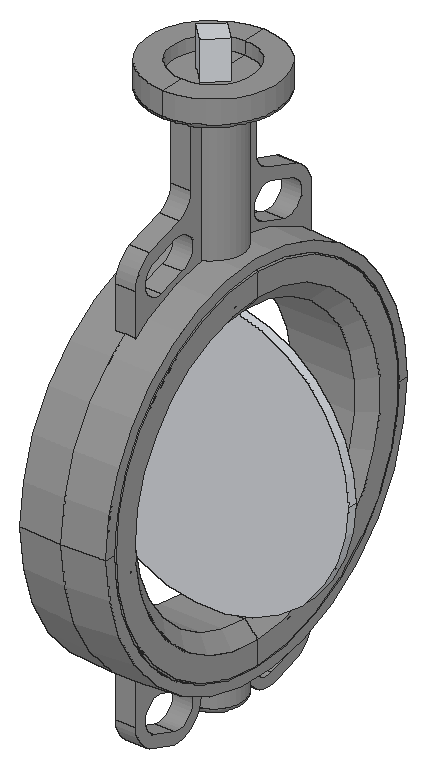
Revit family "HERZ Isolating Butterfly Valves ZF-4219", category Rohrzubehör, Revit 2020 (continued)
Automatic sketch dimensions
  Extrusion 8 sketch curve to Extrusion 8 sketch curve = 9.76 mm  (x2)
  Extrusion 8 sketch curve to Extrusion 8 sketch curve = 46.144 mm
  Extrusion 8 sketch curve to Extrusion 8 sketch curve = 0.006 mm
  Extrusion 8 sketch curve to Extrusion 8 sketch curve = 0.159 mm  (x2)
  Extrusion 8 sketch curve to Extrusion 8 sketch curve = 0.225 mm  (x2)
  Extrusion 8 sketch curve to Extrusion 8 sketch curve = 3.156 mm
  Extrusion 7 sketch curve to Extrusion 7 sketch curve = 0 mm  (x29)
  Extrusion 7 sketch curve to level = 0 mm
  Extrusion 7 sketch curve to plane 1 "Mitte (Vorne/hinten)" = 0 mm
  Extrusion 7 sketch curve to Extrusion 7 sketch curve = 4.987 mm  (x2)
  plane 1 "Mitte (Vorne/hinten)" to Extrusion 7 sketch curve = 42.642 mm
  Extrusion 7 sketch curve to Extrusion 7 sketch curve = 3.28 mm  (x2)
  Extrusion 7 sketch curve to Extrusion 7 sketch curve = 14.935 mm  (x2)
  Extrusion 7 sketch curve to Extrusion 7 sketch curve = 11.589 mm  (x2)
  Extrusion 7 sketch curve to Extrusion 7 sketch curve = 14.868 mm  (x2)
  Extrusion 7 sketch curve to Extrusion 7 sketch curve = 33.628 mm  (x4)
  Extrusion 7 sketch curve to Extrusion 7 sketch curve = 3.946 mm  (x4)
  Extrusion 7 sketch curve to Extrusion 7 sketch curve = 12.021 mm  (x8)
  Extrusion 7 sketch curve to Extrusion 7 sketch curve = 8.075 mm  (x8)
  plane 1 "Mitte (Vorne/hinten)" to Extrusion 7 sketch curve = 21.03 mm
  Extrusion 7 sketch curve to Extrusion 7 sketch curve = 5.5 mm
  Extrusion 7 sketch curve to Extrusion 7 sketch curve = 0.54 mm  (x2)
  Extrusion 7 sketch curve to Extrusion 7 sketch curve = 0.103 mm
  Extrusion 7 sketch curve to Extrusion 7 sketch curve = 1.99 mm  (x2)
  plane 1 "Mitte (Vorne/hinten)" to Extrusion 7 sketch curve = 18.5 mm
  Extrusion 7 sketch curve to plane 1 "Mitte (Vorne/hinten)" = 18.5 mm  (x2)
  Extrusion 7 sketch curve to Extrusion 7 sketch curve = 1.897 mm
  Extrusion 7 sketch curve to Extrusion 7 sketch curve = 2 mm
  Extrusion 7 sketch curve to Extrusion 7 sketch curve = 21.612 mm
  Extrusion 7 sketch curve to level = 59.454 mm  (x2)
  Extrusion 7 sketch curve to Extrusion 7 sketch curve = 10.049 mm  (x4)
  Extrusion 7 sketch curve to Extrusion 7 sketch curve = 20.666 mm  (x2)
  Extrusion 7 sketch curve to Extrusion 7 sketch curve = 1.725 mm  (x2)
  Extrusion 7 sketch curve to Extrusion 7 sketch curve = 12.438 mm  (x4)
  level to Extrusion 7 sketch curve = 59.454 mm  (x2)
  Extrusion 7 sketch curve to Extrusion 7 sketch curve = 15.768 mm  (x2)
  Extrusion 7 sketch curve to Extrusion 7 sketch curve = 0.361 mm  (x2)
  Extrusion 7 sketch curve to Extrusion 7 sketch curve = 69.242 mm
  Extrusion 7 sketch curve to Extrusion 7 sketch curve = 0.014 mm
  Extrusion 7 sketch curve to Extrusion 7 sketch curve = 0.29 mm  (x2)
  Extrusion 6 sketch curve to Extrusion 6 sketch curve = 0 mm  (x31)
  Extrusion 6 sketch curve to level = 0 mm
  Extrusion 6 sketch curve to plane 1 "Mitte (Vorne/hinten)" = 0 mm
  plane 1 "Mitte (Vorne/hinten)" to Extrusion 6 sketch curve = 18.5 mm  (x2)
  Extrusion 6 sketch curve to Extrusion 6 sketch curve = 1.897 mm  (x2)
  Extrusion 6 sketch curve to Extrusion 6 sketch curve = 2 mm
  Extrusion 6 sketch curve to Extrusion 6 sketch curve = 4.154 mm  (x2)
  Extrusion 6 sketch curve to Extrusion 6 sketch curve = 5.603 mm
  Extrusion 6 sketch curve to Extrusion 6 sketch curve = 12 mm  (x2)
  Extrusion 6 sketch curve to Extrusion 6 sketch curve = 21.682 mm  (x2)
  Extrusion 6 sketch curve to Extrusion 6 sketch curve = 2.182 mm  (x2)
  Extrusion 6 sketch curve to Extrusion 6 sketch curve = 11.109 mm  (x4)
  Extrusion 6 sketch curve to Extrusion 6 sketch curve = 30.529 mm  (x4)
  Extrusion 6 sketch curve to Extrusion 6 sketch curve = 4.781 mm  (x4)
  Extrusion 6 sketch curve to Extrusion 6 sketch curve = 1.414 mm  (x8)
  Extrusion 6 sketch curve to Extrusion 6 sketch curve = 7.24 mm  (x8)
  Extrusion 6 sketch curve to Extrusion 6 sketch curve = 12.021 mm  (x8)
  Extrusion 6 sketch curve to plane 1 "Mitte (Vorne/hinten)" = 18.5 mm
  Extrusion 6 sketch curve to Extrusion 6 sketch curve = 7.5 mm
  Extrusion 6 sketch curve to Extrusion 6 sketch curve = 0.103 mm
  Extrusion 6 sketch curve to level = 50.036 mm  (x2)
  Extrusion 6 sketch curve to Extrusion 6 sketch curve = 17.112 mm  (x2)
  Extrusion 6 sketch curve to Extrusion 6 sketch curve = 9.185 mm  (x4)
  Extrusion 6 sketch curve to Extrusion 6 sketch curve = 20.608 mm  (x2)
  Extrusion 6 sketch curve to Extrusion 6 sketch curve = 12.868 mm  (x3)
  Extrusion 6 sketch curve to Extrusion 6 sketch curve = 9.096 mm  (x2)
  level to Extrusion 6 sketch curve = 50.036 mm  (x2)
  Extrusion 6 sketch curve to Extrusion 6 sketch curve = 17 mm
  Extrusion 6 sketch curve to Extrusion 6 sketch curve = 56.845 mm
  Extrusion 6 sketch curve to Extrusion 6 sketch curve = 0.017 mm
  Extrusion 6 sketch curve to Extrusion 6 sketch curve = 0.29 mm  (x2)
  Extrusion 5 sketch curve to Extrusion 5 sketch curve = 0 mm  (x25)
  Extrusion 5 sketch curve to level = 0 mm
  Extrusion 5 sketch curve to plane 1 "Mitte (Vorne/hinten)" = 0 mm
  plane 1 "Mitte (Vorne/hinten)" to Extrusion 5 sketch curve = 18.5 mm  (x2)
  Extrusion 5 sketch curve to Extrusion 5 sketch curve = 0.579 mm  (x2)
  Extrusion 5 sketch curve to Extrusion 5 sketch curve = 1.897 mm  (x2)
  Extrusion 5 sketch curve to Extrusion 5 sketch curve = 0.103 mm
  Extrusion 5 sketch curve to Extrusion 5 sketch curve = 5.603 mm
  Extrusion 5 sketch curve to Extrusion 5 sketch curve = 15.942 mm  (x4)
  Extrusion 5 sketch curve to Extrusion 5 sketch curve = 13 mm  (x2)
  Extrusion 5 sketch curve to Extrusion 5 sketch curve = 11.367 mm  (x4)
  Extrusion 5 sketch curve to Extrusion 5 sketch curve = 25.663 mm  (x4)
  Extrusion 5 sketch curve to Extrusion 5 sketch curve = 4.027 mm  (x4)
  Extrusion 5 sketch curve to Extrusion 5 sketch curve = 12.021 mm  (x5)
  Extrusion 5 sketch curve to Extrusion 5 sketch curve = 9.55 mm  (x4)
  Extrusion 5 sketch curve to Extrusion 5 sketch curve = 7.5 mm
  Extrusion 5 sketch curve to plane 1 "Mitte (Vorne/hinten)" = 18.5 mm  (x2)
  Extrusion 5 sketch curve to Extrusion 5 sketch curve = 2 mm
  Extrusion 5 sketch curve to level = 38.887 mm  (x2)
  Extrusion 5 sketch curve to Extrusion 5 sketch curve = 10.986 mm  (x3)
  Extrusion 5 sketch curve to Extrusion 5 sketch curve = 10.231 mm  (x3)
  Extrusion 5 sketch curve to Extrusion 5 sketch curve = 10.467 mm  (x4)
  Extrusion 5 sketch curve to Extrusion 5 sketch curve = 12.18 mm  (x2)
  Extrusion 5 sketch curve to Extrusion 5 sketch curve = 12.641 mm  (x4)
  Extrusion 5 sketch curve to Extrusion 5 sketch curve = 9.983 mm  (x2)
  level to Extrusion 5 sketch curve = 38.887 mm  (x2)
  Extrusion 5 sketch curve to Extrusion 5 sketch curve = 21.217 mm
  Extrusion 5 sketch curve to Extrusion 5 sketch curve = 16.969 mm  (x2)
  Extrusion 5 sketch curve to Extrusion 5 sketch curve = 51.117 mm
  Extrusion 5 sketch curve to Extrusion 5 sketch curve = 0.01 mm
  Extrusion 5 sketch curve to Extrusion 5 sketch curve = 0.29 mm  (x2)
  level to Extrusion 5 sketch curve = 49.873 mm
  Extrusion 4 sketch curve to Extrusion 4 sketch curve = 0 mm  (x28)
  Extrusion 4 sketch curve to level = 0 mm
  Extrusion 4 sketch curve to plane 1 "Mitte (Vorne/hinten)" = 0 mm
  plane 1 "Mitte (Vorne/hinten)" to Extrusion 4 sketch curve = 18.5 mm  (x2)
  Extrusion 4 sketch curve to Extrusion 4 sketch curve = 1.897 mm  (x2)
  Extrusion 4 sketch curve to Extrusion 4 sketch curve = 0.103 mm  (x2)
  Extrusion 4 sketch curve to Extrusion 4 sketch curve = 5.603 mm  (x2)
  Extrusion 4 sketch curve to Extrusion 4 sketch curve = 12.115 mm  (x4)
  Extrusion 4 sketch curve to Extrusion 4 sketch curve = 9 mm  (x2)
  Extrusion 4 sketch curve to Extrusion 4 sketch curve = 11.39 mm  (x2)
  Extrusion 4 sketch curve to Extrusion 4 sketch curve = 7.005 mm  (x2)
  Extrusion 4 sketch curve to Extrusion 4 sketch curve = 22.772 mm  (x4)
  Extrusion 4 sketch curve to Extrusion 4 sketch curve = 4.597 mm  (x4)
  Extrusion 4 sketch curve to Extrusion 4 sketch curve = 1.485 mm  (x4)
  Extrusion 4 sketch curve to Extrusion 4 sketch curve = 12.021 mm  (x4)
  Extrusion 4 sketch curve to Extrusion 4 sketch curve = 9.247 mm  (x4)
  Extrusion 4 sketch curve to plane 1 "Mitte (Vorne/hinten)" = 18.5 mm  (x2)
  Extrusion 4 sketch curve to level = 31.935 mm  (x2)
  Extrusion 4 sketch curve to Extrusion 4 sketch curve = 1.34 mm  (x4)
  Extrusion 4 sketch curve to Extrusion 4 sketch curve = 10.245 mm  (x4)
  Extrusion 4 sketch curve to Extrusion 4 sketch curve = 9.866 mm  (x4)
  Extrusion 4 sketch curve to Extrusion 4 sketch curve = 9.447 mm  (x4)
  Extrusion 4 sketch curve to Extrusion 4 sketch curve = 11.077 mm  (x4)
  Extrusion 4 sketch curve to Extrusion 4 sketch curve = 11.926 mm  (x2)
  level to Extrusion 4 sketch curve = 31.935 mm  (x2)
  Extrusion 4 sketch curve to Extrusion 4 sketch curve = 12.62 mm  (x2)
  Extrusion 4 sketch curve to Extrusion 4 sketch curve = 12.99 mm  (x2)
  Extrusion 4 sketch curve to Extrusion 4 sketch curve = 41.354 mm
  Extrusion 4 sketch curve to Extrusion 4 sketch curve = 0.018 mm
  Extrusion 4 sketch curve to Extrusion 4 sketch curve = 0.29 mm  (x2)
  Extrusion 3 sketch curve to Extrusion 3 sketch curve = 0 mm  (x23)
  Extrusion 3 sketch curve to level = 0 mm
  Extrusion 3 sketch curve to plane 1 "Mitte (Vorne/hinten)" = 0 mm
  plane 1 "Mitte (Vorne/hinten)" to Extrusion 3 sketch curve = 18 mm
  Extrusion 3 sketch curve to Extrusion 3 sketch curve = 1.897 mm  (x2)
  Extrusion 3 sketch curve to Extrusion 3 sketch curve = 0.103 mm  (x2)
  plane 1 "Mitte (Vorne/hinten)" to Extrusion 3 sketch curve = 22.391 mm
  Extrusion 3 sketch curve to Extrusion 3 sketch curve = 1.414 mm  (x14)
  Extrusion 3 sketch curve to Extrusion 3 sketch curve = 6.103 mm  (x2)
  Extrusion 3 sketch curve to Extrusion 3 sketch curve = 2 mm  (x2)
  Extrusion 3 sketch curve to Extrusion 3 sketch curve = 7.709 mm  (x4)
  Extrusion 3 sketch curve to Extrusion 3 sketch curve = 13.318 mm  (x5)
  Extrusion 3 sketch curve to Extrusion 3 sketch curve = 15.842 mm  (x5)
  Extrusion 3 sketch curve to Extrusion 3 sketch curve = 10.233 mm
  Extrusion 3 sketch curve to Extrusion 3 sketch curve = 3.184 mm  (x7)
  Extrusion 3 sketch curve to Extrusion 3 sketch curve = 6.315 mm  (x8)
  Extrusion 3 sketch curve to Extrusion 3 sketch curve = 3.021 mm  (x4)
  Extrusion 3 sketch curve to Extrusion 3 sketch curve = 5.303 mm  (x8)
  Extrusion 3 sketch curve to level = 23.805 mm  (x2)
  Extrusion 3 sketch curve to Extrusion 3 sketch curve = 3.106 mm  (x6)
  level to Extrusion 3 sketch curve = 23.805 mm  (x2)
  Extrusion 3 sketch curve to Extrusion 3 sketch curve = 6.654 mm  (x4)
  Extrusion 3 sketch curve to Extrusion 3 sketch curve = 9.77 mm  (x4)
  Extrusion 3 sketch curve to plane 1 "Mitte (Vorne/hinten)" = 18 mm
  Extrusion 3 sketch curve to plane 1 "Mitte (Vorne/hinten)" = 22.391 mm
  Extrusion 3 sketch curve to Extrusion 3 sketch curve = 5.708 mm  (x2)
  Extrusion 3 sketch curve to Extrusion 3 sketch curve = 3.131 mm
  level to Extrusion 3 sketch curve = 42.831 mm
  Extrusion 3 sketch curve to Extrusion 3 sketch curve = 4.045 mm
  Extrusion 3 sketch curve to Extrusion 3 sketch curve = 12.379 mm
  Extrusion 3 sketch curve to Extrusion 3 sketch curve = 68.43 mm
  Extrusion 3 sketch curve to Extrusion 3 sketch curve = 0.003 mm
  Extrusion 3 sketch curve to Extrusion 3 sketch curve = 0.316 mm  (x2)
  curve 12 to level = 0 mm
  curve 12 to plane 3 "Mitte (Links/rechts)" = 0 mm
  plane 1 "Mitte (Vorne/hinten)" to curve 6 = 0 mm
  curve 6 to plane 3 "Mitte (Links/rechts)" = 0 mm
  Revolve 1 sketch curve to plane 1 "Mitte (Vorne/hinten)" = 0 mm
  Revolve 1 sketch curve to Revolve 1 sketch curve = 0.987 mm
  Revolve 1 sketch curve to Revolve 1 sketch curve = 1.5 mm  (x3)
  Revolve 1 sketch curve to Revolve 1 sketch curve = 0.513 mm  (x2)
  Revolve 1 sketch curve to Revolve 1 sketch curve = 0.915 mm  (x2)
  Revolve 1 sketch curve to Revolve 1 sketch curve = 1978.5 mm  (x2)
  Revolve 11 sketch curve to plane 1 "Mitte (Vorne/hinten)" = 0 mm  (x2)
  Revolve 11 sketch curve to Revolve 11 sketch curve = 3 mm
  Revolve 11 sketch curve to Revolve 11 sketch curve = 459.992 mm
  level to Revolve 11 sketch curve = 2741.474 mm
  Revolve 12 sketch curve to plane 1 "Mitte (Vorne/hinten)" = 0 mm  (x3)
  Revolve 12 sketch curve to Revolve 12 sketch curve = 1.895 mm
  Revolve 12 sketch curve to Revolve 12 sketch curve = 2 mm  (x2)
  Revolve 12 sketch curve to Revolve 12 sketch curve = 0.105 mm
  Revolve 12 sketch curve to level = 520.992 mm
  Revolve 12 sketch curve to Revolve 12 sketch curve = 2616.474 mm
  Revolve 13 sketch curve to level = 0 mm
  Revolve 13 sketch curve to Revolve 13 sketch curve = 1.492 mm
  Revolve 13 sketch curve to Revolve 13 sketch curve = 0.18 mm  (x2)
  Revolve 13 sketch curve to Revolve 13 sketch curve = 5.027 mm
  Revolve 13 sketch curve to Revolve 13 sketch curve = 1 mm
  Revolve 13 sketch curve to Revolve 13 sketch curve = 0.999 mm  (x2)
  Revolve 13 sketch curve to Revolve 13 sketch curve = 0.27 mm
  Revolve 13 sketch curve to Revolve 13 sketch curve = 0.957 mm
  Revolve 13 sketch curve to Revolve 13 sketch curve = 1328.99 mm
  Revolve 13 sketch curve to Revolve 13 sketch curve = 1875.983 mm
  Extrusion 14 sketch curve to level = 0 mm
  Extrusion 14 sketch curve to plane 3 "Mitte (Links/rechts)" = 0 mm
  radius of Extrusion 10 sketch curve = 12 mm  (x4)
  radius of Extrusion 9 sketch curve = 9.5 mm  (x4)
  radius of Extrusion 9 sketch curve = 14 mm  (x4)
  radius of Extrusion 7 sketch curve = 11.5 mm  (x4)
  radius of Extrusion 7 sketch curve = 9.5 mm  (x4)
  radius of Extrusion 6 sketch curve = 9.5 mm  (x8)
  radius of Extrusion 5 sketch curve = 9.5 mm  (x8)
  radius of Extrusion 4 sketch curve = 9.5 mm  (x8)
  radius of curve 12 = 7 mm
  radius of curve 6 = 5 mm
Nested families
  nested 1: "Herz-Logo-vorne" at (-20, 0, 145.5), type "Herz-Logo-vorne"
Connectors
  piping at (30.75, 0, 0), diameter 200, driven by "Nennweite"
    settings: on Revolve 13, index 1, connector inside diameter 609.6 mm, connector length 0 mm, flow factor 0, pipe flow 0.0 L/s, pressure drop 0.0 Pa, fitting loss kfactor 0, connector angle 0.00°, fixture units 0, engagement length 0 mm, angle of deflection 0.00°, flow configuration 0, flow direction 0, fitting loss method 0, system type 29, joint type 0, gender type 0, connector reference index -1, connector utility 0, adjustable connector no, is connector primary yes, connector description ""
  piping at (-30.75, 0, 0), diameter 200, driven by "Nennweite"
    settings: on Revolve 13, index 2, connector inside diameter 609.6 mm, connector length 0 mm, flow factor 0, pipe flow 0.0 L/s, pressure drop 0.0 Pa, fitting loss kfactor 0, connector angle 0.00°, fixture units 0, engagement length 0 mm, angle of deflection 0.00°, flow configuration 0, flow direction 0, fitting loss method 0, system type 29, joint type 0, gender type 0, connector reference index -1, connector utility 0, adjustable connector no, is connector primary no, connector description ""
Definition of nested family "Herz-Logo-vorne"
  Parameters (values of type "Herz-Logo-vorne")
    Default Elevation = 0 mm
  Reference planes
    plane 1 "Mitte (Vorne/hinten)": y = 0
    plane 2: z = 0
    plane 3 "Mitte (Links/rechts)": x = 0
  Forms (mm)
    Extrusion 1, solid
      sketch origin (0.732, -0.018, 0.017) x (0, -1, 0) y (0, 0, 1)
        loop
          line (-0.018, -4.517) -> (4.482, -4.517) -> (4.482, 4.483) -> (-4.518, 4.483) -> (-4.518, -4.517) -> (-0.018, -4.517)
        loop
          line (-0.05, -3.48) -> (3.482, -3.48) -> (3.482, 3.483) -> (-3.518, 3.483) -> (-3.518, -3.48) -> (-0.05, -3.48)
        loop
          arc (-0.018, 2.383) -> (-1.543, 3.287) -> (-3.067, 2.383) r 1.738
          arc (-3.067, 2.383) -> (-3.191, 1.899) -> (-3.067, 1.415) r 1.009
          line (-3.067, 1.415) -> (-0.018, -3.281) -> (3.032, 1.415)
          arc (3.032, 1.415) -> (3.156, 1.899) -> (3.032, 2.383) r 1.009
          arc (3.032, 2.383) -> (1.507, 3.287) -> (-0.018, 2.383) r 1.738
        loop
          arc (1.885, 1.272) -> (2.005, 1.675) -> (1.885, 2.079) r 0.74
          arc (1.885, 2.079) -> (1.265, 2.416) -> (0.644, 2.079) r 0.74
          line (0.644, 2.079) -> (-0.018, 0.97) -> (-0.679, 2.079)
          arc (-0.679, 2.079) -> (-1.3, 2.416) -> (-1.921, 2.079) r 0.74
          arc (-1.921, 2.079) -> (-2.04, 1.675) -> (-1.921, 1.272) r 0.74
          line (-1.921, 1.272) -> (-0.018, -1.658) -> (1.885, 1.272)
      from 0 to 1.5
  Dimensions and locks
    aligned and locked: level to plane 2
